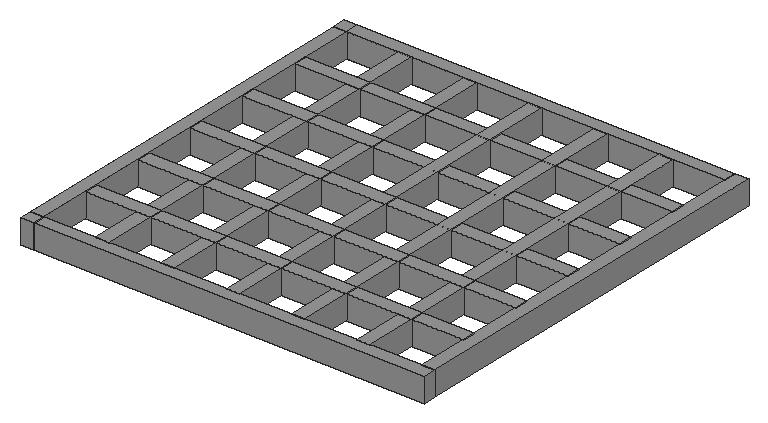
Revit family "6112-4", category Generic Models, host Ceiling, Revit 2023
Family settings
  Host = Ceiling
  Can host rebar = No
  Round Connector Dimension = Use Diameter
  Part Type = Normal
  Always vertical = Yes
  Cut with Voids When Loaded = No
  Maintain Annotation Orientation = No
  Shared = No
  Room Calculation Point = No
Parameters (values of type "6112-3")
  MEMBER THICKNESS [instance] = 0' - 0 3/4"
  Default Elevation = 0' - 0"
  Cube Depth [instance] = 0' - 1 3/8"  # constant formula
  CELL COUNT [instance] = 6  # constant formula
  .. Member Material [instance] = 9WOOD WALNUT
Types (3): name
  (no name)
  6112-3
  6113-3
Reference planes (in)
  plane 1 "Center (Front/Back)": y = 0
  plane 2 "Ceiling": z = 96
  plane 3 "Center (Left/Right)": x = 0
Dimensions and locks (in)
  equal spacing: host sketch curve, plane 3 "Center (Left/Right)", host sketch curve
  equal spacing: host sketch curve, plane 1 "Center (Front/Back)", host sketch curve
  host sketch curve to host sketch curve = 10' - 0"  (x2)
  aligned and locked: host ceiling to nested 1
Nested families (in)
  nested 1: "6100 Start" at (-406.11614, -294.13883, 72.37482), Actual Depth <- "Cube Depth", Member Material <- ".. Member Material", MEMBER COUNT <- "CELL COUNT", MEMBER THICKNESS <- "MEMBER THICKNESS", type "6100 Start"
    with W1 CALC 1' - 10 1/4", T1 1' - 9 1/2", Member Material 9WOOD WALNUT, MEMBER THICKNESS 0' - 0 3/4", MEMBER COUNT 6, D2 TYP 0' - 3.70833", Actual Depth 0' - 1 3/8", .. Half Member Width 0' - 0 3/8"
Definition of nested family "6100 Start"
  Parameters (values of type "6100 Start")
    W1 CALC [instance] = 1' 9 1/2" + MEMBER THICKNESS  # 1' - 10 1/8"
    T1 [instance] = 1' - 9 1/2"  # constant formula
    Member Material [instance] = none
    .. Half Member Width [instance] = MEMBER THICKNESS / 2  # 0' - 0 5/16"
    Actual Depth [instance] = 0' - 2 1/4"
    MEMBER THICKNESS [instance] = 0' - 0 5/8"
    Default Elevation = 0' - 2 25/32"
    D2 TYP [instance] = (T1 + MEMBER THICKNESS) / MEMBER COUNT  # 0' - 5 17/32"
    MEMBER COUNT [instance] = 4
  Reference planes (in)
    plane 1 "Center (Front/Back)": y = 286.63756
    plane 2: z = 0
    plane 3 "Center (Left/Right)": x = 398.71958
    plane 4: y = 308.88756
    plane 5: x = 420.96958
    plane 6: x = 399.46958
    plane 7: y = 287.38756
    plane 8: x = 420.96958
    plane 9: x = 420.96958
    plane 10: z = 23.62518
    plane 11: x = 399.46958
    plane 12: y = 309.20006
    plane 13: y = 303.66881
    plane 14: x = 399.15708
    plane 15: x = 404.68833
  Dimensions and locks (in)
    "T1": plane 4 to plane 7
    "T1": plane 6 to plane 5
    ".. Half Member Width": plane 14 to plane 6
    ".. Half Member Width": plane 12 to plane 4
    "D2 TYP": plane 12 to plane 13
    "D2 TYP": plane 14 to plane 15
    equal spacing: group 1, group 3, group 4, group 7  (x2)
    equal spacing: group 7, group 4, group 3, group 1
    equal spacing: group 2, group 5, group 6, group 8
    equal spacing: group 8, group 6, group 5, group 2  (x2)
    aligned and locked: plane 2 to level
    aligned and locked: plane 4 to nested 1  (x2)
    aligned and locked: plane 5 to nested 2
    aligned and locked: plane 7 to nested 3
    aligned and locked: nested 3 to plane 6
    aligned and locked: nested 4 to plane 8
    aligned and locked: nested 4 to plane 7
    aligned and locked: nested 5 to plane 4
    aligned and locked: nested 5 to plane 9
    aligned and locked: plane 6 to nested 6
    aligned and locked: plane 4 to nested 6
    aligned and locked: plane 10 to nested 2
    aligned and locked: nested 5 to plane 10
    aligned and locked: nested 3 to plane 10
    aligned and locked: nested 6 to plane 10
    aligned and locked: nested 4 to plane 10
    aligned and locked: plane 11 to nested 6
    aligned and locked: plane 14 to nested 1
    aligned and locked: plane 15 to nested 7
    aligned and locked: nested 2 to plane 12
    aligned and locked: nested 9 to plane 13
    aligned and locked: plane 10 to nested 12
    aligned and locked: plane 10 to nested 11
    aligned and locked: plane 10 to nested 8
  Nested families (in)
    nested 1: "Only Box" at (399.15708, 298.13756, 21.37518), Width <- "MEMBER THICKNESS", Length <- "T1", Depth <- "Actual Depth", Material <- "Member Material", type "Only Box"
      with Width 0' - 0 5/8", Material none, Length 1' - 9 1/2", Depth 0' - 2 1/4"
    nested 2: "Only Box" at (410.21958, 309.20006, 21.37518), Length <- "MEMBER THICKNESS", Depth <- "Actual Depth", Material <- "Member Material", type "Only Box"
      with Width 1' - 9 1/2", Material none, Length 0' - 0 5/8", Depth 0' - 2 1/4"
    nested 3: "Only Box 2" at (438.46958, 259.37199, 23.62518) x (0, -1, 0) z (0, 0, 1), Depth <- "Actual Depth", Length <- "MEMBER THICKNESS", Material <- "Member Material", Width <- "W1 CALC", type "Only Box 2"
      with Width 1' - 10 1/8", Material none, Length 0' - 0 5/8", Depth 0' - 2 1/4"
    nested 4: "Only Box 2" at (448.98515, 326.38756, 23.62518), Depth <- "Actual Depth", Length <- "MEMBER THICKNESS", Material <- "Member Material", Width <- "W1 CALC", type "Only Box 2"
      with Width 1' - 10 1/8", Material none, Length 0' - 0 5/8", Depth 0' - 2 1/4"
    nested 5: "Only Box 2" at (381.96958, 336.90313, 23.62518) x (0, 1, 0) z (0, 0, 1), Depth <- "Actual Depth", Length <- "MEMBER THICKNESS", Material <- "Member Material", Width <- "W1 CALC", type "Only Box 2"
      with Width 1' - 10 1/8", Material none, Length 0' - 0 5/8", Depth 0' - 2 1/4"
    nested 6: "Only Box 2" at (371.45401, 269.88756, 23.62518) x (-1, 0, 0) z (0, 0, 1), Depth <- "Actual Depth", Length <- "MEMBER THICKNESS", Material <- "Member Material", Width <- "W1 CALC", type "Only Box 2"
      with Width 1' - 10 1/8", Material none, Length 0' - 0 5/8", Depth 0' - 2 1/4"
    nested 7: "Only Box" at (404.68833, 298.13756, 21.37518), Width <- "MEMBER THICKNESS", Length <- "T1", Depth <- "Actual Depth", Material <- "Member Material", type "Only Box"
      with Width 0' - 0 5/8", Material none, Length 1' - 9 1/2", Depth 0' - 2 1/4"
    nested 8: "Only Box" at (410.21958, 298.13756, 21.37518), Width <- "MEMBER THICKNESS", Length <- "T1", Depth <- "Actual Depth", Material <- "Member Material", type "Only Box"
      with Width 0' - 0 5/8", Material none, Length 1' - 9 1/2", Depth 0' - 2 1/4"
    nested 9: "Only Box" at (410.21958, 303.66881, 21.37518), Length <- "MEMBER THICKNESS", Depth <- "Actual Depth", Material <- "Member Material", type "Only Box"
      with Width 1' - 9 1/2", Material none, Length 0' - 0 5/8", Depth 0' - 2 1/4"
    nested 10: "Only Box" at (410.21958, 298.13756, 21.37518), Length <- "MEMBER THICKNESS", Depth <- "Actual Depth", Material <- "Member Material", type "Only Box"
      with Width 1' - 9 1/2", Material none, Length 0' - 0 5/8", Depth 0' - 2 1/4"
    nested 11: "Only Box" at (415.75083, 298.13756, 21.37518), Width <- "MEMBER THICKNESS", Length <- "T1", Depth <- "Actual Depth", Material <- "Member Material", type "Only Box"
      with Width 0' - 0 5/8", Material none, Length 1' - 9 1/2", Depth 0' - 2 1/4"
    nested 12: "Only Box" at (410.21958, 292.60631, 21.37518), Length <- "MEMBER THICKNESS", Depth <- "Actual Depth", Material <- "Member Material", type "Only Box"
      with Width 1' - 9 1/2", Material none, Length 0' - 0 5/8", Depth 0' - 2 1/4"
  Definition of nested family "Only Box"
    Parameters
      Width [instance] = 4' - 8.03114"
      Material [instance] = none
      Length [instance] = 6' - 6"
      Depth [instance] = 2' - 8"
      Default Elevation = 0' - 0"
    Reference planes (in)
      plane 1 "Center (Front/Back)": y = 0
      plane 2: z = 0
      plane 3 "Center (Left/Right)": x = 0
      plane 4: x = -28.01557
      plane 5: x = 28.01557
      plane 6: y = 39
      plane 7: y = -39
      plane 8: z = 32
    Forms (in)
      Extrusion 1, solid, material <- "Material"
        sketch origin (0, 0, 0) x (1, 0, 0) y (0, 1, 0)
          loop
            line (-28.01557, 39) -> (-28.01557, -39) -> (28.01557, -39) -> (28.01557, 39) -> (-28.01557, 39)
        from 0 to 32
    Dimensions and locks (in)
      equal spacing: plane 6, plane 1 "Center (Front/Back)", plane 7
      equal spacing: plane 4, plane 3 "Center (Left/Right)", plane 5
      "Width": plane 4 to plane 5
      "Length": plane 6 to plane 7
      "Depth": plane 8 to level
      aligned and locked: plane 2 to level
      aligned and locked: Extrusion 1 sketch curve to plane 6
      aligned and locked: plane 4 to Extrusion 1 sketch curve
      aligned and locked: plane 7 to Extrusion 1 sketch curve
      aligned and locked: Extrusion 1 sketch curve to plane 5
      aligned and locked: plane 8 to Extrusion 1
      aligned and locked: Extrusion 1 to level
  Definition of nested family "Only Box 2"
    Parameters (values of type "Only Box 2")
      Width [instance] = 4' - 8.03114"
      Material [instance] = none
      Length [instance] = 6' - 6"
      Depth [instance] = 2' - 8"
      Default Elevation = 0' - 0"
    Reference planes (in)
      plane 1 "Center (Front/Back)": y = 39
      plane 2: z = 0
      plane 3 "Center (Left/Right)": x = -28.01557
      plane 4: x = 49.98443
      plane 5: y = -17.03114
      plane 6: z = -32
      plane 7: x = 10.98443
      plane 8: y = 10.98443
    Forms (in)
      Extrusion 1, solid, material <- "Material"
        sketch origin (0, 0, 0) x (1, 0, 0) y (0, 1, 0)
          loop
            line (-28.01557, 39) -> (-28.01557, -17.03114) -> (49.98443, -17.03114) -> (49.98443, 39) -> (-28.01557, 39)
        from 0 to -32
    Dimensions and locks (in)
      "Length": plane 3 "Center (Left/Right)" to plane 4
      "Width": plane 5 to plane 1 "Center (Front/Back)"
      "Depth": level to plane 6
      equal spacing: plane 3 "Center (Left/Right)", plane 7, plane 4
      equal spacing: plane 1 "Center (Front/Back)", plane 8, plane 5
      aligned and locked: plane 2 to level
      aligned and locked: Extrusion 1 to level
      aligned and locked: Extrusion 1 to plane 3 "Center (Left/Right)"
      aligned and locked: Extrusion 1 to plane 1 "Center (Front/Back)"
      aligned and locked: plane 4 to Extrusion 1
      aligned and locked: Extrusion 1 to plane 5
      aligned and locked: Extrusion 1 to plane 6
    Automatic sketch dimensions
      Extrusion 1 sketch curve to plane 1 "Center (Front/Back)" = 0' - 0"
      plane 1 "Center (Front/Back)" to Extrusion 1 sketch curve = 4' - 8.03114"
      Extrusion 1 sketch curve to plane 3 "Center (Left/Right)" = 0' - 0"
      plane 3 "Center (Left/Right)" to Extrusion 1 sketch curve = 6' - 6"
